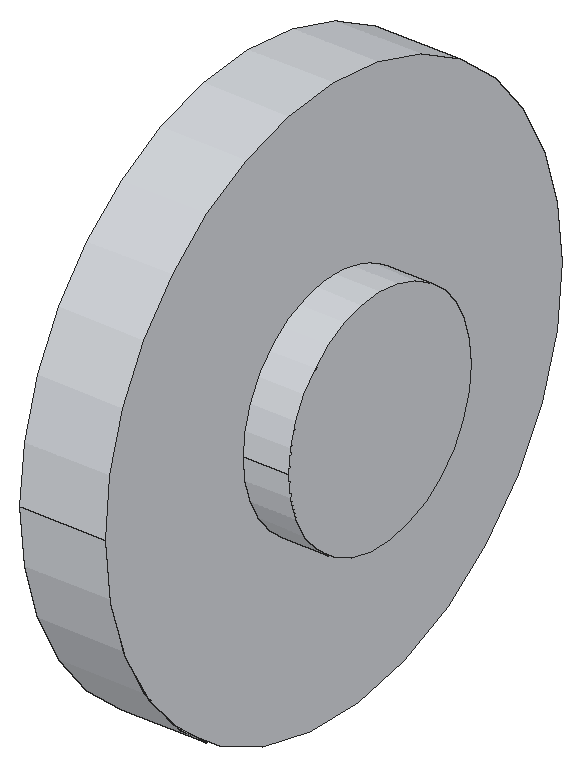
Revit family "M_Flange - Passagem - Aço - Classe 400", category Conexões de tubo, Revit 2019
Family settings
  Cota do conector redondo = Usar raio
  Tipo de parte = Flange
  Número OmniClass = 23.60.30.11.14
  Título OmniClass = Pipework Fittings
  ID de item do Seek = Flange - Slip-on - Steel - Class 400-0000-CAN-ENU
  Com base no plano de trabalho = Não
  Sempre na vertical = Sim
  Corte com vazios quando carregada = Não
  Compartilhado = Não
Parameters (values of type "Padrão")
  Tamanho da marca de revisão [instance] = Diâmetro externo da flange * 0.4  # 38 mm
  Espessura da face elevada [instance] = 6.35 mm  # constant formula
  Raio da face elevada [instance] = Diâmetro da face elevada / 2  # 17.45 mm
  Diâmetro da face elevada [instance] = size_lookup(Nome da tabela de pesquisa, "RFD", 1.11 * Diâmetro nominal + 34.727 mm, Diâmetro nominal)  # 34.9 mm
  Raio nominal [instance] = 7.5 mm
  Diâmetro nominal [instance] = Raio nominal * 2  # 15 mm
  Método de perda = Não definido
  Nome da tabela de pesquisa = "M_Flange - Slip-on - Steel - Class 400"
  Comprimento pelo hub [instance] = size_lookup(Nome da tabela de pesquisa, "LTH", 0.15 * Diâmetro nominal + 29.567 mm, Diâmetro nominal)  # 22 mm
  Raio do hub [instance] = Diâmetro do hub / 2  # 19 mm
  Diâmetro do hub [instance] = size_lookup(Nome da tabela de pesquisa, "HDia", 1.13 * Diâmetro nominal + 29.369 mm, Diâmetro nominal)  # 38 mm
  Espessura do flange [instance] = size_lookup(Nome da tabela de pesquisa, "FThk", 0.11 * Diâmetro nominal + 20.935 mm, Diâmetro nominal)  # 14.3 mm
  Raio externo da flange [instance] = Diâmetro externo da flange / 2  # 47.5 mm
  Diâmetro externo da flange [instance] = size_lookup(Nome da tabela de pesquisa, "FOD", 1.37 * Diâmetro nominal + 99.219 mm, Diâmetro nominal)  # 95 mm
Reference planes
  plane 1 "Centro (Frente/Trás)": y = 0
  plane 2: z = 0
  plane 3 "Centro (Esquerda/Direita)": x = 0
  plane 4: x = 6.35
  plane 5: x = 20.65
  plane 6: x = 28.35
  plane 7: y = 38
  plane 8: y = -38
Forms (mm)
  Sweep 1, solid, detail levels fine
    path in 3D
      loop
        line (0, 0, 0) -> (6.35, 0, 0)
    profile origin (3.175, 0, 0) x (0, 1, 0) y (0, 0, 1)
      loop
        circle (0, 0) r 17.45
  Sweep 2, solid, detail levels fine
    path in 3D
      loop
        line (6.35, 0, 0) -> (20.65, 0, 0)
    profile origin (13.5, 0, 0) x (0, 1, 0) y (0, 0, 1)
      loop
        circle (0, 0) r 47.5
  Sweep 3, solid, detail levels fine
    path in 3D
      loop
        line (20.65, 0, 0) -> (28.35, 0, 0)
    profile origin (24.5, 0, 0) x (0, 1, 0) y (0, 0, 1)
      loop
        circle (0, 0) r 19
Cuts and joins
  joined: Sweep 1, Sweep 2, Sweep 3
Lines and regions (mm)
  model lines, detail levels coarse+medium
    curve 1: line (0, 0, 0) -> (6.35, 0, 0)
    curve 2: line (6.35, 0, 0) -> (20.65, 0, 0)
    curve 3: line (20.65, 0, 0) -> (28.35, 0, 0)
    curve 7: line (20.65, 38, 0) -> (20.65, -38, 0)
  sketch lines
    curve 4: line (0, 0, 0) -> (6.35, 0, 0)
    curve 5: line (6.35, 0, 0) -> (20.65, 0, 0)
    curve 6: line (20.65, 0, 0) -> (28.35, 0, 0)
Dimensions and locks
  "Espessura da face elevada": plane 3 "Centro (Esquerda/Direita)" to plane 4
  "Espessura do flange": plane 4 to plane 5
  "Comprimento pelo hub": plane 4 to plane 6
  equal spacing: plane 7, plane 1 "Centro (Frente/Trás)", plane 8
  "Tamanho da marca de revisão": plane 7 to plane 1 "Centro (Frente/Trás)"
  "Raio da face elevada": radius of Sweep 1 sketch curve
  "Raio externo da flange": radius of Sweep 2 sketch curve
  "Raio do hub": radius of Sweep 3 sketch curve
  aligned and locked: plane 3 "Centro (Esquerda/Direita)" to curve 1
  aligned and locked: plane 4 to curve 1
  aligned and locked: plane 1 "Centro (Frente/Trás)" to curve 1
  aligned and locked: plane 1 "Centro (Frente/Trás)" to curve 2
  aligned and locked: plane 5 to curve 3
  aligned and locked: plane 6 to curve 3
  aligned and locked: plane 1 "Centro (Frente/Trás)" to curve 3
  aligned and locked: plane 7 to curve 7
  aligned and locked: plane 8 to curve 7
  aligned and locked: curve 7 to plane 5
Automatic sketch dimensions
  Sweep 1 sketch curve to profile plane = 0 mm  (x2)
  Sweep 2 sketch curve to profile plane = 0 mm  (x2)
  Sweep 3 sketch curve to profile plane = 0 mm  (x2)
Connectors
  piping at (0, 0, 0), diameter 15, driven by "Raio nominal"
    settings: on cut or joined group of Sweep 1, Sweep 2, Sweep 3, index 1, connector inside diameter 15 mm, connector length 0 mm, flow factor 0, pipe flow 0.0 L/s, pressure drop 0.0 Pa, fitting loss kfactor 0, connector angle 0.00°, fixture units 0, engagement length 0 mm, angle of deflection 0.00°, flow configuration 0, flow direction 0, fitting loss method 0, system type 28, joint type 0, gender type 0, connector reference index 2, connector utility 0, adjustable connector no, is connector primary yes, connector description ""
  piping at (28.35, 0, 0), diameter 15, driven by "Raio nominal"
    settings: on cut or joined group of Sweep 1, Sweep 2, Sweep 3, index 2, connector inside diameter 15 mm, connector length 0 mm, flow factor 0, pipe flow 0.0 L/s, pressure drop 0.0 Pa, fitting loss kfactor 0, connector angle 0.00°, fixture units 0, engagement length 0 mm, angle of deflection 0.00°, flow configuration 0, flow direction 0, fitting loss method 0, system type 28, joint type 0, gender type 0, connector reference index 1, connector utility 0, adjustable connector no, is connector primary no, connector description ""
